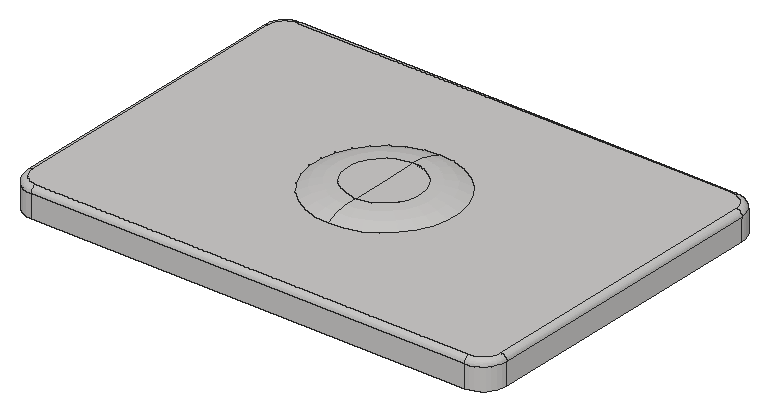
Revit family "PRD_FrankeWS_WCFlshngVlvs_WCControl_AT3O0051", category Plumbing Fixtures, host Face, Revit 2018
Family settings
  Host = Face
  Round Connector Dimension = Use Diameter
  Part Type = Normal
  OmniClass Number = 23.45.05.14.99
  OmniClass Title = Other Sanitary Washing Plumbing Fixtures
  Cut with Voids When Loaded = No
  Shared = No
  Room Calculation Point = No
Parameters (values of type "AT3O0051")
  WarrantyStartDate [instance] = "1900-12-31T23:59:59"
  WarrantyGuarantorParts = "n/a"
  WarrantyGuarantorLabor = "n/a"
  WarrantyDurationUnit = "year"
  WarrantyDurationParts = "n/a"
  WarrantyDurationLabor = "n/a"
  WarrantyDescription = "n/a"
  Version = "1"
  Uniclass2015Version = "Products v1.7"
  Uniclass2015Title = "WC flushing valves"
  Uniclass2015Code = "Pr_40_20_93_91"
  URL = "www.kwc.com"
  ThirdPartyCertification = "n/a"
  TagNumber [instance] = "n/a"
  SustainabilityPerformance = "n/a"
  Size = "n/a"
  Shape = "n/a"
  SerialNumber [instance] = "n/a"
  Revision = "n/a"
  ReplacementCost = "n/a"
  ProductInformation = "https://pim.kwc.com/product/2030021142/attachment/datasheet?locale=en"
  Operation = "Sensor"
  NominalWidth = 0.00 mm
  NominalLength = 0.00 mm
  NominalHeight = 0.00 mm
  NetWeight = 0.93 kg
  Name = "WC control AT3O0051"
  NBSTypeID = "n/a"
  NBSReference = "45-35-70/389"
  NBSOfficeMasterTag = "n/a"
  NBSNote = "n/a"
  NBSDescription = "WC flushing valves"
  NBSCertification = "n/a"
  ModelReference = "AT3O0051"
  ModelNumber = "2030021142"
  Model = ModelReference  # "AT3O0051"
  MaterialsFinishAndColour = "n/a"
  MaterialsBody = "n/a"
  Material = "Stainless steel"
  ManufacturerURL = "www.kwc.com"
  ManufacturerName = "KWC Group AG"  # constant formula
  Manufacturer = ManufacturerName  # "KWC Group AG"
  IsHighPressure = no
  IntegralAccessories = "n/a"
  InstallationDate [instance] = "1900-12-31T23:59:59"
  IfcExportType = "FLUSHING"
  IfcExportAs = "IfcValveType"
  HasIntegralShutOffDevice = yes
  GrossWeight = 1.04 kg
  Grade = "n/a"
  Form = "n/a"
  FlushingRate = 0.0 L/s
  FlushValveMaterial = PRD_AR_StainlessSteel_SatinFinished
  Finish = "n/a"
  Features = "n/a"
  ExpectedLife = "n/a"
  DurationUnit = "year"
  Description = "AQUATIMER - A3000 open electronically controlled WC control for concealed cistern with option for external controlling options such as setting the parameters and comunciation via ECC function controller. Consisting of waterproof electronic module with additional input for sensor switches (provided by customer), maximum distance to electronic module 5 m, servo motor, two waterproof electric t-junctions for connection to system cable, frame and stainless steel cover plate with integrated piezo switch and concealed screw connection, 24 V DC."
  Default Elevation = 1000.00 mm
  Constituents = "n/a"
  Color = "Stainless steel"
  CodePerformance = "n/a"
  Category = "Pr_40_20_93_91, WC flushing valves"
  BarCode [instance] = "n/a"
  BIMObjectName = "PRD_AR_WCFlushingValves_WCControl_AT3O0051"
  Author = "Archispace"  # constant formula
  AssetType = "Fixed"
  AssetIdentifier [instance] = "n/a"
  AccessibilityPerformance = "n/a"
Reference planes
  plane 1 "Center (Front/Back)": y = 0
  plane 2: z = 0
  plane 3 "Center (Left/Right)": x = 0
Forms (mm)
  Extrusion 1, solid, material "PRD_AR_StainlessSteel_SatinFinished" <- "FlushValveMaterial", detail levels fine
    sketch origin (0, 0, 0) x (1, 0, 0) y (0, 1, 0)
      loop
        arc (-93.5, 73.5) -> (-100.571, 70.571) -> (-103.5, 63.5) r 10
        line (-103.5, 63.5) -> (-103.5, -63.5)
        arc (-103.5, -63.5) -> (-100.571, -70.571) -> (-93.5, -73.5) r 10
        line (-93.5, -73.5) -> (93.5, -73.5)
        arc (93.5, -73.5) -> (100.571, -70.571) -> (103.5, -63.5) r 10
        line (103.5, -63.5) -> (103.5, 63.5)
        arc (103.5, 63.5) -> (100.571, 70.571) -> (93.5, 73.5) r 10
        line (93.5, 73.5) -> (-93.5, 73.5)
    from 0 to 12
  Sweep 2, void
    path in 3D
      loop
        arc (-103.5, -63.5, 12) -> (-100.571, -70.571, 12) -> (-93.5, -73.5, 12) r 10
        line (-93.5, -73.5, 12) -> (93.5, -73.5, 12)
        arc (93.5, -73.5, 12) -> (100.571, -70.571, 12) -> (103.5, -63.5, 12) r 10
        line (103.5, -63.5, 12) -> (103.5, 63.5, 12)
        arc (103.5, 63.5, 12) -> (100.571, 70.571, 12) -> (93.5, 73.5, 12) r 10
        line (93.5, 73.5, 12) -> (-93.5, 73.5, 12)
        arc (-93.5, 73.5, 12) -> (-100.571, 70.571, 12) -> (-103.5, 63.5, 12) r 10
        line (-103.5, 63.5, 12) -> (-103.5, -63.5, 12)
    profile origin (-103.5, 0, 12) x (1, 0, 0) y (0, 0, 1)
      loop
        line (2.5, 0) -> (0, 0) -> (0, -2.5)
        arc (0, -2.5) -> (0.732, -0.732) -> (2.5, 0) r 2.5
  Extrusion 3, solid, material "PRD_AR_StainlessSteel_SatinFinished" <- "FlushValveMaterial", detail levels coarse+medium
    sketch origin (0, 0, 0) x (1, 0, 0) y (0, 1, 0)
      loop
        line (-103.5, 73.5) -> (-103.5, -73.5) -> (103.5, -73.5) -> (103.5, 73.5) -> (-103.5, 73.5)
    from 0 to 12
  Revolve 4, solid, material "PRD_AR_StainlessSteel_SatinFinished" <- "FlushValveMaterial", detail levels fine
    sketch origin (0, 0, -2) x (0, 1, 0) y (0, 0, 1)
      loop
        arc (-15.55, 17.2) -> (-23.033, 16.391) -> (-30.171, 14) r 35
        line (-30.171, 14) -> (0, 14) -> (0, 17.2) -> (-15.55, 17.2)
      axis (0, 14) -> (0, 17.2)
    angle from 0 to 360
Cuts and joins
  Sweep 2 cuts Extrusion 1
Lines and regions (mm)
  sketch lines
    curve 1: line (-103.5, 63.5, 12) -> (-103.5, -63.5, 12)
    curve 2: arc (-103.5, 63.5, 12) -> (-100.571, 70.571, 12) -> (-93.5, 73.5, 12) r 10
    curve 3: line (93.5, 73.5, 12) -> (-93.5, 73.5, 12)
    curve 4: arc (93.5, 73.5, 12) -> (100.571, 70.571, 12) -> (103.5, 63.5, 12) r 10
    curve 5: line (103.5, -63.5, 12) -> (103.5, 63.5, 12)
    curve 6: arc (103.5, -63.5, 12) -> (100.571, -70.571, 12) -> (93.5, -73.5, 12) r 10
    curve 7: line (-93.5, -73.5, 12) -> (93.5, -73.5, 12)
    curve 8: arc (-93.5, -73.5, 12) -> (-100.571, -70.571, 12) -> (-103.5, -63.5, 12) r 10
Dimensions and locks
  aligned and locked: plane 2 to host face
  aligned and locked: level to host face
